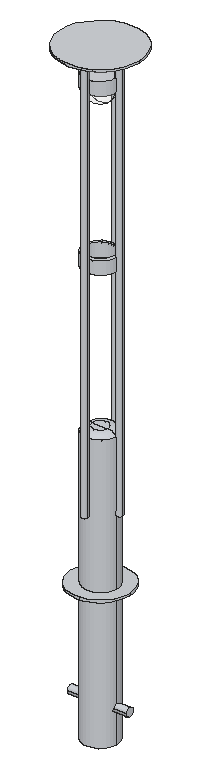
Revit family "Focus Lighting TemaParklygten", category Lighting Fixtures, Revit 2014
Parameters (values of type "2450mm")
  Wattage = 150 W
  built-in parameter 1150110 = 1 (stored number, unit not read)
  built-in parameter 1114217 = 2.44 (stored number, unit not read)
  built-in parameter 1150109 = 1 (stored number, unit not read)
  built-in parameter 1150134 = (empty or 0)
  built-in parameter 1150113 = 1 (stored number, unit not read)
  Mast = none
  Lumens = 22281.3 lm
  built-in parameter 1150115 = 1 (stored number, unit not read)
  built-in parameter 1150105 = 1773.1 (stored number, unit not read)
  Light Source Symbol Size = 1500 mm
  built-in parameter 1150137 = (empty or 0)
  built-in parameter 1150139 = (empty or 0)
  built-in parameter 1150112 = 1 (stored number, unit not read)
  built-in parameter 1150114 = 1 (stored number, unit not read)
  built-in parameter 1150132 = (empty or 0)
  built-in parameter 1150102 = (empty or 0)
  built-in parameter 1150138 = (empty or 0)
  built-in parameter 1150107 = 3000 (stored number, unit not read)
  built-in parameter 1150106 = 17.731 (stored number, unit not read)
  Heigth = 2450 mm
  Glass Mat. = TemaParklygten Glass
  Emit from Circle Diameter = 609.6 mm
  Emit Shape Visible in Rendering = no
  built-in parameter 1150104 = 13.8 (stored number, unit not read)
  Dimming Lamp Color Temperature Shift = <None>
  Color Filter = 16777215
  built-in parameter 1114218 = 1 (stored number, unit not read)
  built-in parameter 1150133 = 10 (stored number, unit not read)
Types (4, lengths in mm): name | Heigth
  (no name) | 2450
  3500mm | 3500
  3000mm | 3000
  2450mm | 2450
Reference planes
  plane 1 "Light Source Axis (F/B)": y = 0
  plane 2: z = 0
  plane 3 "Light Source Axis (L/R)": x = 0
  plane 4 "Light Source Elevation": z = 2450
  plane 5: z = 2450
  plane 6: x = 40
  plane 7: x = -40
  plane 8: z = 2375
  plane 9: z = 1515
  plane 10: z = 1450
  plane 11: z = 2330
  plane 12: z = 700
  plane 13: z = -700
  plane 14: z = 2440
  plane 15: z = 2265
Forms (mm)
  Extrusion 1, solid, material <- "Mast"
    sketch origin (0, 0, 0) x (1, 0, 0) y (0, 1, 0)
      loop
        circle (0, 0) r 150
      loop
        circle (0, 0) r 68
    from 0 to 10
  Extrusion 2, solid, material <- "Mast"
    sketch origin (0, 0, 0) x (1, 0, 0) y (0, 1, 0)
      loop
        circle (0, 0) r 84
    from -700 to 700
  Extrusion 3, solid, material <- "Mast"
    sketch origin (0, 0, 2761.873) x (1, 0, 0) y (0, 1, 0)
      loop
        circle (0, 0) r 84
    from -386.873 to -321.873
  Extrusion 4, solid, material <- "Mast"
    sketch origin (0, 0, 1841.873) x (1, 0, 0) y (0, 1, 0)
      loop
        circle (0, 0) r 84
      loop
        circle (0, 0) r 68
    from -391.873 to -326.873
  Extrusion 5, solid, material <- "Mast"
    sketch origin (0, 0, 0) x (0, 1, 0) y (0, 0, 1)
      loop
        circle (0, -530.24) r 20
    from -150 to 150
  Extrusion 6, solid, material <- "Mast"
    sketch origin (0, 0, 2990) x (1, 0, 0) y (0, 1, 0)
      loop
        circle (0, 0) r 200
    from -550 to -540
  Extrusion 7, solid, material <- "Mast"
    sketch origin (0, 0, 0) x (1, 0, 0) y (0, 1, 0)
      loop
        circle (99, 0) r 15
      loop
        circle (0, -99) r 15
      loop
        circle (0, 99) r 15
    from 350 to 2440
  Revolve 8, solid, material "TemaParklygten Glass" <- "Glass Mat."
    sketch origin (0, 0, -315) x (1, 0, 0) y (0, 0, 1)
      loop
        line (0, 2755) -> (0, 2505)
        arc (0, 2505) -> (53.033, 2526.967) -> (75, 2580) r 75
        line (75, 2580) -> (75, 2755) -> (0, 2755)
      axis (0, 2755) -> (0, 2505)
    angle from 0 to 360
  Extrusion 9, solid, material <- "Mast"
    sketch origin (0, 0, 2636.873) x (1, 0, 0) y (0, 1, 0)
      loop
        circle (0, 0) r 84
    from -371.873 to -306.873
  Revolve 10, solid
    sketch origin (0, 0, 0) x (1, 0, 0) y (0, 0, 1)
      loop
        line (0, 700) -> (0, 720) -> (-40, 720)
        arc (-40, 720) -> (-64.166, 714.765) -> (-84, 700) r 58.4
        line (-84, 700) -> (0, 700)
      axis (0, 720) -> (0, 700)
    angle from 0 to 360
Dimensions and locks
  "Heigth": plane 5 to plane 2
  Extrusion 6 to Revolve 8 sketch curve = 175 mm
  plane 12 to plane 2 to plane 13 = 700 mm locked, 700 mm locked
  locked: plane 5 to plane 14 at 10
  locked: plane 14 to plane 8 at 65
  locked: plane 8 to plane 11 at 45
  locked: plane 11 to plane 15 at 65
  locked: plane 12 to Extrusion 7 at 350
  locked: plane 9 to plane 10 at 65
  equal spacing: plane 11, plane 9, plane 12
  aligned and locked: plane 3 "Light Source Axis (L/R)" to imposter light
  aligned and locked: plane 1 "Light Source Axis (F/B)" to imposter light
  aligned and locked: level to plane 2
  aligned and locked: Extrusion 3 to plane 8
  aligned and locked: Extrusion 3 to Extrusion 6
  aligned and locked: plane 11 to Extrusion 9
  aligned and locked: Extrusion 4 to plane 10
  aligned and locked: plane 13 to Extrusion 2
  aligned and locked: plane 12 to Extrusion 2
  aligned and locked: plane 5 to Extrusion 6
  aligned and locked: Extrusion 6 to plane 14
  aligned and locked: plane 14 to Extrusion 3
  aligned and locked: plane 8 to Extrusion 3
  aligned and locked: Extrusion 9 to plane 11
  aligned and locked: Extrusion 9 to plane 15
  aligned and locked: plane 15 to Revolve 8 sketch curve
  aligned and locked: plane 14 to Extrusion 7
  aligned and locked: plane 9 to Extrusion 4
  aligned and locked: imposter light to plane 15
  aligned and locked: plane 4 "Light Source Elevation" to plane 5
  aligned and locked: Revolve 10 to plane 12
Automatic sketch dimensions
  Extrusion 1 sketch curve to Extrusion 1 sketch curve = 0 mm  (x2)
  plane 1 "Light Source Axis (F/B)" to Extrusion 1 sketch curve = 0 mm
  Extrusion 1 sketch curve to plane 3 "Light Source Axis (L/R)" = 0 mm
  plane 1 "Light Source Axis (F/B)" to Extrusion 2 sketch curve = 0 mm
  Extrusion 2 sketch curve to plane 3 "Light Source Axis (L/R)" = 0 mm
  plane 1 "Light Source Axis (F/B)" to Extrusion 3 sketch curve = 0 mm
  Extrusion 3 sketch curve to plane 3 "Light Source Axis (L/R)" = 0 mm
  Extrusion 5 sketch curve to plane 1 "Light Source Axis (F/B)" = 0 mm
  Extrusion 5 sketch curve to level = 530.24 mm
  plane 1 "Light Source Axis (F/B)" to Extrusion 6 sketch curve = 0 mm
  Extrusion 6 sketch curve to plane 3 "Light Source Axis (L/R)" = 0 mm
  plane 1 "Light Source Axis (F/B)" to Extrusion 9 sketch curve = 0 mm
  Extrusion 9 sketch curve to plane 3 "Light Source Axis (L/R)" = 0 mm
  Extrusion 4 sketch curve to Extrusion 4 sketch curve = 0 mm  (x2)
  plane 1 "Light Source Axis (F/B)" to Extrusion 4 sketch curve = 0 mm
  Extrusion 4 sketch curve to plane 3 "Light Source Axis (L/R)" = 0 mm
  Revolve 8 sketch curve to plane 3 "Light Source Axis (L/R)" = 0 mm  (x2)
  Revolve 8 sketch curve to plane 5 = 10 mm
  plane 6 to Revolve 8 sketch curve = 35 mm
  Revolve 8 sketch curve to Revolve 8 sketch curve = 400 mm
  plane 5 to Revolve 8 sketch curve = 35 mm
  Revolve 10 sketch curve to plane 12 = 0 mm
  plane 7 to Revolve 10 sketch curve = 0 mm
  Revolve 10 sketch curve to plane 3 "Light Source Axis (L/R)" = 0 mm  (x2)
  plane 7 to Revolve 10 sketch curve = 44 mm
  Revolve 10 sketch curve to plane 12 = 38.4 mm
  Revolve 10 sketch curve to Revolve 10 sketch curve = 11.6 mm
  Revolve 10 sketch curve to Revolve 10 sketch curve = 35 mm
  Extrusion 7 sketch curve to plane 3 "Light Source Axis (L/R)" = 0 mm  (x2)
  plane 1 "Light Source Axis (F/B)" to Extrusion 7 sketch curve = 0 mm
  plane 6 to Extrusion 7 sketch curve = 59 mm
  plane 1 "Light Source Axis (F/B)" to Extrusion 7 sketch curve = 99 mm
  Extrusion 7 sketch curve to plane 1 "Light Source Axis (F/B)" = 99 mm
  radius of Extrusion 1 sketch curve = 150 mm
  radius of Extrusion 1 sketch curve = 68 mm
  radius of Extrusion 2 sketch curve = 84 mm
  radius of Extrusion 3 sketch curve = 84 mm
  radius of Extrusion 5 sketch curve = 20 mm
  radius of Extrusion 6 sketch curve = 200 mm
  radius of Extrusion 9 sketch curve = 84 mm
  radius of Extrusion 4 sketch curve = 84 mm
  radius of Extrusion 4 sketch curve = 68 mm
  radius of Extrusion 7 sketch curve = 15 mm  (x3)
